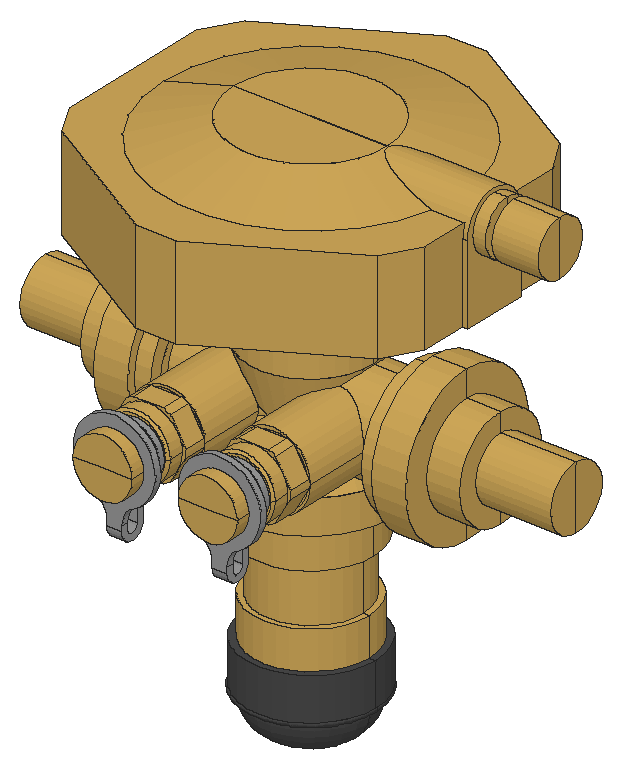
Revit family "Kombiventil 4001", category Rohrzubehör, Revit 2018
Family settings
  Bemaßung runder Anschluss = Durchmesser verwenden
  Teiletyp = Unterbricht
  OmniClass-Nummer = 23.65.55.14
  OmniClass-Titel = Valves for Liquid Services
  Arbeitsebenenbasiert = Nein
  Immer vertikal = Ja
  Beim Laden mit Abzugskörper schneiden = Nein
  Gemeinsam genutzt = Nein
Parameters
  min.Betriebstemperatur (Frostschutz) = -20 °C  # constant formula
  max.Betriebstemperatur bis DN32 = 130 °C  # constant formula
  max.Betriebstemperatur ab DN40 = 110 °C  # constant formula
  max.Betriebsdruck = 1600000.0 Pa  # constant formula
  VRL04 = 8.000 mm  # constant formula
  VRL03 [instance] = L01 + 4.000 mm  # 12.000 mm
  VRL02 = 18.000 mm  # constant formula
  VRL01 [instance] = size_lookup("4001_", "VRL1", 30.000 mm, Nennweite)  # 30.000 mm
  URL = "www.herz-armaturen.at"
  SCRNSEQ = "ARM;ARM_TYP=\"DURR\";2"
  SCRNCODE = "05;04;02"  # constant formula
  S05 [instance] = VRL01  # 30.000 mm
  S04 [instance] = H08 + (S03 / 2)  # 45.750 mm
  S03 [instance] = H09 + 4.700 mm  # 26.500 mm
  S02 [instance] = VRD01 * 2  # 36.400 mm
  S01 = 10.000 mm  # constant formula
  R12 = 3.900 mm  # constant formula
  R11 = 6.500 mm  # constant formula
  R10 = 35.000 mm  # constant formula
  R09 = 18.250 mm  # constant formula
  R08 = 11.300 mm  # constant formula
  R07 [instance] = size_lookup("4001_", "R7", 17.300 mm, Nennweite)  # 17.300 mm
  R06 [instance] = size_lookup("4001_", "R6", 19.000 mm, Nennweite)  # 19.000 mm
  R05 = 15.000 mm  # constant formula
  R04 = 12.500 mm  # constant formula
  R02 [instance] = size_lookup("4001_", "R2", 15.000 mm, Nennweite)  # 15.000 mm
  R01 [instance] = size_lookup("4001_", "R1", 11.500 mm, Nennweite)  # 11.500 mm
  PN = 16  # constant formula
  Nennweite [instance] = 15.000 mm
  min.Betriebstemperatur (reines Wasser) = 2 °C  # constant formula
  Membrane und O-Ringe = "EPDM"  # constant formula
  Medium = "Wasserbeschaffenheit nach ÖNORM H 5195 und VDI 2035\r\nDie Verwendung von Ethylen- und Propylenglykol ist im Mischungsverhältnis 25 - 50 Vol. [%] zulässig"
  L06 [instance] = L00 / 2  # 33.000 mm
  L05 = 11.000 mm  # constant formula
  L04 = 1.500 mm  # constant formula
  L03 = 3.200 mm  # constant formula
  L02 = 43.500 mm  # constant formula
  L01 [instance] = size_lookup("4001_", "L1", 8.000 mm, Nennweite)  # 8.000 mm
  L00 [instance] = size_lookup("4001_", "L", 66.000 mm, Nennweite)  # 66.000 mm
  Hersteller = "Herz-Armaturen GmbH"  # constant formula
  H13 [instance] = H02 - H05 - H03 - H04 - 2.000 mm  # 17.700 mm
  H12 = 19.250 mm  # constant formula
  H11 [instance] = size_lookup("4001_", "H11", 59.000 mm, Nennweite)  # 59.000 mm
  H10 [instance] = H08 + H09  # 54.300 mm
  H09 = 21.800 mm  # constant formula
  H08 [instance] = H01 + H06 + H07  # 32.500 mm
  H07 = 4.000 mm  # constant formula
  H06 [instance] = size_lookup("4001_", "H6", 10.000 mm, Nennweite)  # 10.000 mm
  H05 = 9.000 mm  # constant formula
  H04 [instance] = size_lookup("4001_", "H4", 9.600 mm, Nennweite)  # 9.600 mm
  H03 [instance] = size_lookup("4001_", "H3", 13.000 mm, Nennweite)  # 13.000 mm
  H02 [instance] = size_lookup("4001_", "H2", 55.300 mm, Nennweite)  # 51.300 mm
  H01 [instance] = size_lookup("4001_", "H1", 18.500 mm, Nennweite)  # 18.500 mm
  Gehäuse = "Entzinkunsbeständiges Messing"  # constant formula
  VRG03 [instance] = Nennweite / 2  # 7.500 mm
  G02 [instance] = size_lookup("4001_", "G2", 13.900 mm, Nennweite)  # 13.900 mm
  G01 [instance] = size_lookup("4001_", "G1", 13.200 mm, Nennweite)  # 13.200 mm
  DN50 [instance] = Nennweite = 50.000 mm  # no
  DN40 [instance] = Nennweite = 40.000 mm  # no
  DN32 [instance] = Nennweite = 32.000 mm  # no
  DN25 [instance] = Nennweite = 25.000 mm  # no
  DN20 [instance] = Nennweite = 20.000 mm  # no
  DN15 [instance] = Nennweite = 15.000 mm  # yes
  VRD03 [instance] = VRG03 + 4.500 mm  # 12.000 mm
  VRD02 [instance] = G01 + 3.000 mm  # 16.200 mm
  VRD01 [instance] = G01 + 5.000 mm  # 18.200 mm
  Bestellnummer Verschraubung [instance] = size_lookup("4001_", "Vrnr", 0, Nennweite)  # 1621011
  Bestellnummer [instance] = size_lookup("4001_", "Artnr", 0, Nennweite)  # 1400121
  Anwendungsgebiet = "Der Volumenstromregler wird in Heiz- und Kühlanlagen mit Umwälzpumpen eingesetzt. Der Regler begrenzt automatisch\r\nden Volumenstrom im nachstehendem Bereich auf den einmal eingestellten Wert indem alle Druckschwankungen\r\ngemessen und ausgeregelt werden. Somit sind keine Messungen erforderlich, und die Regelung ist bei\r\nallen Betriebsbedingungen effektiv. Der Volumenstromregler regelt den Volumenstrom gemäß der Voreinstellung\r\nauf einen konstanten Wert; die Membrane regelt aufgrund des Druckes unmittelbar nach dem Regeleinsatz (über\r\neine interne Steuerleitung), sowie des Druckes davor. Die Voreinstellung bezieht sich direkt auf den Volumenstrom;\r\nentsprechend kann die Maximal-Durchflußmenge bei der Montage direkt nach Diagramm eingestellt werden. Somit\r\nsind z.B. Heizungsstränge, Kühlwasserkreisläufe, Deckenstrahlplatten, Kühldecken und Lufterhitzer ohne Rücksicht\r\nauf die Druckverteilung in der Anlage ohne weiteres abgleichbar."
Reference planes
  plane 1 "Mitte (Vorne/hinten)": y = 0
  plane 2: z = 0
  plane 3 "Mitte (Links/rechts)": x = 0
Forms (mm)
  Revolve 1, solid, material "Messing, weicher Gelbton, geschweißt", detail levels fine
    sketch origin (0, 0, 0) x (1, 0, 0) y (0, 0, 1)
      loop
        line (-33, 0) -> (33, 0) -> (33, 13.2) -> (25, 13.2) -> (25, 11.5) -> (-25, 11.5) -> (-25, 13.2) -> (-33, 13.2) -> (-33, 0)
      axis (-33, 0) -> (33, 0)
    angle from 0 to 360
  Revolve 2, solid, material "Messing, weicher Gelbton, geschweißt", detail levels fine
    sketch origin (0, 0, 0) x (1, 0, 0) y (0, 0, 1)
      loop
        line (0, -51.3) -> (0, 18.5) -> (-15, 18.5) -> (-15, 11.5) -> (-11.5, 0) -> (-19, -11.5) -> (-19, -19.7) -> (-15, -19.7) -> (-15, -29.3) -> (-12.5, -29.3) -> (-12.5, -42.3) -> (-13.9, -42.3) -> (-13.9, -51.3) -> (0, -51.3)
      axis (0, 18.5) -> (0, -51.3)
    angle from 0 to 360
  Revolve 3, solid, material "Messing, weicher Gelbton, geschweißt", detail levels fine
    sketch origin (0, 0, 0) x (1, 0, 0) y (0, 0, 1)
      loop
        line (0, 18.5) -> (0, 32.5) -> (-11.3, 32.5) -> (-11.3, 28.5) -> (-17.3, 28.5) -> (-17.3, 18.5) -> (0, 18.5)
      axis (0, 32.5) -> (0, 18.5)
    angle from 0 to 360
  Extrusion 4, solid, material "Messing, weicher Gelbton, geschweißt", detail levels fine
    sketch origin (0, 0, 0) x (0, -1, 0) y (1, 0, 0)
      loop
        line (-46, -4.75) -> (-27.114, -37.462) -> (-18.886, -42.212) -> (18.886, -42.212) -> (27.114, -37.462) -> (46, -4.75) -> (46, 4.75) -> (27.114, 37.462) -> (18.886, 42.212) -> (-18.886, 42.212) -> (-27.114, 37.462) -> (-46, 4.75) -> (-46, -4.75)
    from 32.5 to 54.3
  Revolve 5, solid, material "Messing, weicher Gelbton, geschweißt", detail levels fine
    sketch origin (0, 0, 0) x (1, 0, 0) y (0, 0, 1)
      loop
        line (0, 54.3) -> (0, 59) -> (-18.25, 59) -> (-35, 54.3) -> (0, 54.3)
      axis (0, 59) -> (0, 54.3)
    angle from 0 to 360
  Extrusion 6, solid, material "Messing, weicher Gelbton, geschweißt", detail levels fine
    sketch origin (0, 0, 0) x (0, 1, 0) y (0, 0, 1)
      loop
        arc (7.85, 51.15) -> (0, 59) -> (-7.85, 51.15) r 7.85
        line (-7.85, 51.15) -> (-7.85, 32.5) -> (7.85, 32.5) -> (7.85, 51.15)
    from 0 to 43.5
  Revolve 7, solid, material "Messing, weicher Gelbton, geschweißt", detail levels fine
    sketch origin (0, 0, 0) x (1, 0, 0) y (0, 0, 1)
      loop
        line (43.5, 51.75) -> (59.2, 51.75) -> (59.2, 58.25) -> (48.2, 58.25) -> (48.2, 55.65) -> (46.7, 55.65) -> (46.7, 58.25) -> (43.5, 58.25) -> (43.5, 51.75)
      axis (43.5, 51.75) -> (59.2, 51.75)
    angle from 0 to 360
  Revolve 8, solid, material "Messing, weicher Gelbton, geschweißt", visible <- "DN15", detail levels fine
    sketch origin (0, 0, 0) x (1, 0, 0) y (0, 1, 0)
      loop
        line (12.5, 0) -> (12.5, -27) -> (21.6, -27) -> (21.6, 0) -> (12.5, 0)
      axis (12.5, 0) -> (12.5, -27)
    angle from 0 to 360
  Revolve 9, solid, material "Messing, weicher Gelbton, geschweißt", visible <- "DN20", detail levels fine
    sketch origin (-2, 0, 0) x (1, 0, 0) y (0, 1, 0)
      loop
        line (-12.5, 27) -> (-20.2, 27) -> (-20.2, 0) -> (-21.5, 0) -> (-21.5, -29) -> (-12.5, -29) -> (-12.5, 27)
      axis (-12.5, 27) -> (-12.5, -29)
    angle from 0 to 360
  Revolve 10, solid, material "Messing, weicher Gelbton, geschweißt", visible <- "DN20", detail levels fine
    sketch origin (2, 0, 0) x (1, 0, 0) y (0, 1, 0)
      loop
        line (12.5, 0) -> (12.5, -29) -> (21.6, -29) -> (21.6, 0) -> (12.5, 0)
      axis (12.5, 0) -> (12.5, -29)
    angle from 0 to 360
  Revolve 11, solid, material "Messing, weicher Gelbton, geschweißt", visible <- "DN20", detail levels fine
    sketch origin (-14.5, 3, 0) x (0, 1, 0) y (0, 0, 1)
      loop
        line (24, 0) -> (39.7, 0) -> (39.7, 6.5) -> (28.7, 6.5) -> (28.7, 3.9) -> (27.2, 3.9) -> (27.2, 6.5) -> (24, 6.5) -> (24, 0)
      axis (24, 0) -> (39.7, 0)
    angle from 0 to 360
  Revolve 12, solid, material "Messing, weicher Gelbton, geschweißt", visible <- "DN25", detail levels fine
    sketch origin (-2.1, 0, 0) x (1, 0, 0) y (0, 1, 0)
      loop
        line (-12.5, 27) -> (-20.2, 27) -> (-20.2, 0) -> (-21.5, 0) -> (-21.5, -29) -> (-12.5, -29) -> (-12.5, 27)
      axis (-12.5, 27) -> (-12.5, -29)
    angle from 0 to 360
  Revolve 13, solid, material "Messing, weicher Gelbton, geschweißt", visible <- "DN25", detail levels fine
    sketch origin (-14.6, 3, 0) x (0, 1, 0) y (0, 0, 1)
      loop
        line (24, 0) -> (39.7, 0) -> (39.7, 6.5) -> (28.7, 6.5) -> (28.7, 3.9) -> (27.2, 3.9) -> (27.2, 6.5) -> (24, 6.5) -> (24, 0)
      axis (24, 0) -> (39.7, 0)
    angle from 0 to 360
  Revolve 14, solid, material "Messing, weicher Gelbton, geschweißt", visible <- "DN25", detail levels fine
    sketch origin (2.1, 0, 0) x (1, 0, 0) y (0, 1, 0)
      loop
        line (12.5, 0) -> (12.5, -29) -> (21.6, -29) -> (21.6, 0) -> (12.5, 0)
      axis (12.5, 0) -> (12.5, -29)
    angle from 0 to 360
  Revolve 15, solid, material "Messing, weicher Gelbton, geschweißt", visible <- "DN32", detail levels fine
    sketch origin (0, 0, 0.637) x (1, 0, 0) y (0, 0, 1)
      loop
        line (-31.5, -0.637) -> (-40.5, -0.637) -> (-40.5, -43.437) -> (-31.5, -43.437) -> (-31.5, -0.637)
      axis (-31.5, -43.437) -> (-31.5, -0.637)
    angle from 0 to 360
  Revolve 16, solid, material "Messing, weicher Gelbton, geschweißt", visible <- "DN32", detail levels fine
    sketch origin (0, 0, 0.637) x (-1, 0, 0) y (0, 0, 1)
      loop
        line (-31.5, -0.637) -> (-40.5, -0.637) -> (-40.5, -43.437) -> (-31.5, -43.437) -> (-31.5, -0.637)
      axis (-31.5, -43.437) -> (-31.5, -0.637)
    angle from 0 to 360
  Revolve 17, solid, material "Messing, weicher Gelbton, geschweißt", visible <- "DN40", detail levels fine
    sketch origin (0, 0, 0) x (1, 0, 0) y (0, 0, 1)
      loop
        line (-37, 0) -> (-46, 0) -> (-46, -54.2) -> (-37, -54.2) -> (-37, 0)
      axis (-37, 0) -> (-37, -54.2)
    angle from 0 to 360
  Revolve 18, solid, material "Messing, weicher Gelbton, geschweißt", visible <- "DN40", detail levels fine
    sketch origin (0, 0, 0) x (-1, 0, 0) y (0, 0, 1)
      loop
        line (-37, 0) -> (-46, 0) -> (-46, -54.2) -> (-37, -54.2) -> (-37, 0)
      axis (-37, 0) -> (-37, -54.2)
    angle from 0 to 360
  Revolve 19, solid, material "Messing, weicher Gelbton, geschweißt", visible <- "DN50", detail levels fine
    sketch origin (-0.1, 0, 0) x (1, 0, 0) y (0, 0, 1)
      loop
        line (-37, 0) -> (-46, 0) -> (-46, -54.2) -> (-37, -54.2) -> (-37, 0)
      axis (-37, 0) -> (-37, -54.2)
    angle from 0 to 360
  Revolve 20, solid, material "Messing, weicher Gelbton, geschweißt", visible <- "DN50", detail levels fine
    sketch origin (0.1, 0, 0) x (-1, 0, 0) y (0, 0, 1)
      loop
        line (-37, 0) -> (-46, 0) -> (-46, -54.2) -> (-37, -54.2) -> (-37, 0)
      axis (-37, 0) -> (-37, -54.2)
    angle from 0 to 360
  Revolve 21, solid, material "Messing, weicher Gelbton, geschweißt", detail levels fine
    sketch origin (-97.028, 0, 0) x (1, 0, 0) y (0, 0, 1)
      loop
        line (130.028, 0) -> (160.028, 0) -> (160.028, 7.5) -> (142.028, 7.5) -> (142.028, 12) -> (134.028, 12) -> (134.028, 18.2) -> (126.028, 18.2) -> (126.028, 16.2) -> (122.028, 16.2) -> (122.028, 13.2) -> (130.028, 13.2) -> (130.028, 0)
      axis (122.028, 0) -> (160.028, 0)
    angle from 0 to 360
  Revolve 22, solid, material "Messing, weicher Gelbton, geschweißt", detail levels fine
    sketch origin (97.028, 0, 0) x (-1, 0, 0) y (0, 0, 1)
      loop
        line (130.028, 0) -> (160.028, 0) -> (160.028, 7.5) -> (142.028, 7.5) -> (142.028, 12) -> (134.028, 12) -> (134.028, 18.2) -> (126.028, 18.2) -> (126.028, 16.2) -> (122.028, 16.2) -> (122.028, 13.2) -> (130.028, 13.2) -> (130.028, 0)
      axis (122.028, 0) -> (160.028, 0)
    angle from 0 to 360
  Revolve 23, solid, material "Messing, weicher Gelbton, geschweißt", visible <- "DN15", detail levels fine
    sketch origin (-25, 0, 0) x (-1, 0, 0) y (0, -1, 0)
      loop
        line (-12.5, -24) -> (-12.5, 27) -> (-21.5, 27) -> (-21.5, 0) -> (-20.2, 0) -> (-20.2, -24) -> (-12.5, -24)
      axis (-12.5, -24) -> (-12.5, 27)
    angle from 0 to 360
  Revolve 24, solid, material "Messing, weicher Gelbton, geschweißt", visible <- "DN15", detail levels fine
    sketch origin (-12.5, 0, 0) x (0, -1, 0) y (0, 0, 1)
      loop
        line (-24, 0) -> (-24, 6.5) -> (-27.2, 6.5) -> (-27.2, 3.9) -> (-28.7, 3.9) -> (-28.7, 6.5) -> (-39.7, 6.5) -> (-39.7, 0) -> (-24, 0)
      axis (-24, 0) -> (-39.7, 0)
    angle from 0 to 360
  Revolve 25, solid, material "Messing, weicher Gelbton, geschweißt", visible <- "DN32", detail levels fine
    sketch origin (-9.5, 0, 0) x (1, 0, 0) y (0, 1, 0)
      loop
        line (-12.5, -31) -> (-12.5, 0) -> (-20.2, 0) -> (-20.2, -31) -> (-12.5, -31)
      axis (-12.5, 0) -> (-12.5, -31)
    angle from 0 to 360
  Revolve 26, solid, material "Messing, weicher Gelbton, geschweißt", visible <- "DN32", detail levels fine
    sketch origin (-22, -7, 0) x (0, -1, 0) y (0, 0, -1)
      loop
        line (24, 0) -> (24, -6.5) -> (27.2, -6.5) -> (27.2, -3.9) -> (28.7, -3.9) -> (28.7, -6.5) -> (39.7, -6.5) -> (39.7, 0) -> (24, 0)
      axis (24, 0) -> (39.7, 0)
    angle from 0 to 360
  Revolve 27, solid, material "Messing, weicher Gelbton, geschweißt", visible <- "DN40", detail levels fine
    sketch origin (-17.5, 0, 0) x (1, 0, 0) y (0, 1, 0)
      loop
        line (-12.5, -39.5) -> (-12.5, 0) -> (-20.2, 0) -> (-20.2, -39.5) -> (-12.5, -39.5)
      axis (-12.5, 0) -> (-12.5, -39.5)
    angle from 0 to 360
  Revolve 28, solid, material "Messing, weicher Gelbton, geschweißt", visible <- "DN40", detail levels fine
    sketch origin (-30, -15.5, 0) x (0, -1, 0) y (0, 0, -1)
      loop
        line (24, 0) -> (24, -6.5) -> (27.2, -6.5) -> (27.2, -3.9) -> (28.7, -3.9) -> (28.7, -6.5) -> (39.7, -6.5) -> (39.7, 0) -> (24, 0)
      axis (24, 0) -> (39.7, 0)
    angle from 0 to 360
  Revolve 29, solid, material "Messing, weicher Gelbton, geschweißt", visible <- "DN50", detail levels fine
    sketch origin (-17.6, 0, 0) x (1, 0, 0) y (0, 1, 0)
      loop
        line (-12.5, -39.5) -> (-12.5, 0) -> (-20.2, 0) -> (-20.2, -39.5) -> (-12.5, -39.5)
      axis (-12.5, 0) -> (-12.5, -39.5)
    angle from 0 to 360
  Revolve 30, solid, material "Messing, weicher Gelbton, geschweißt", visible <- "DN50", detail levels fine
    sketch origin (-30.1, -15.5, 0) x (0, -1, 0) y (0, 0, -1)
      loop
        line (24, 0) -> (24, -6.5) -> (27.2, -6.5) -> (27.2, -3.9) -> (28.7, -3.9) -> (28.7, -6.5) -> (39.7, -6.5) -> (39.7, 0) -> (24, 0)
      axis (24, 0) -> (39.7, 0)
    angle from 0 to 360
Lines and regions (mm)
  model lines, detail levels coarse+medium
    curve 1: line (33, -18.2, 0) -> (33, 18.2, 0)
    curve 2: line (33, 18.2, 0) -> (-33, -18.2, 0)
    curve 3: line (-33, -18.2, 0) -> (-33, 18.2, 0)
    curve 4: line (-33, 18.2, 0) -> (33, -18.2, 0)
    curve 5: line (0, -18.5, 0) -> (0, -32.5, 0)
    curve 6: spline (-43.5, -45.75, 0) -> (-42.018, -42.321, 0) -> (-37.672, -39.125, 0) -> (-30.759, -36.381, 0) -> (-21.75, -34.275, 0) -> (-11.259, -32.951, 0) -> (0, -32.5, 0) -> (11.259, -32.951, 0) -> (21.75, -34.275, 0) -> (30.759, -36.381, 0) -> (37.672, -39.125, 0) -> (42.018, -42.321, 0) -> (43.5, -45.75, 0) -> (42.018, -49.179, 0) -> (37.672, -52.375, 0) -> (30.759, -55.119, 0) -> (21.75, -57.225, 0) -> (11.259, -58.549, 0) -> (0, -59, 0) -> (-11.259, -58.549, 0) -> (-21.75, -57.225, 0) -> (-30.759, -55.119, 0) -> (-37.672, -52.375, 0) -> (-42.018, -49.179, 0) -> (-43.5, -45.75, 0)
    curve 7: line (-33, 0, 18.2) -> (-33, 0, -18.2)
    curve 8: line (-33, 0, -18.2) -> (33, 0, 18.2)
    curve 9: line (33, 0, 18.2) -> (33, 0, -18.2)
    curve 10: line (33, 0, -18.2) -> (-33, 0, 18.2)
    curve 11: line (0, 0, 18.5) -> (0, 0, 32.5)
    curve 12: spline (-43.5, 0, 45.75) -> (-42.018, 0, 49.179) -> (-37.672, 0, 52.375) -> (-30.759, 0, 55.119) -> (-21.75, 0, 57.225) -> (-11.259, 0, 58.549) -> (0, 0, 59) -> (11.259, 0, 58.549) -> (21.75, 0, 57.225) -> (30.759, 0, 55.119) -> (37.672, 0, 52.375) -> (42.018, 0, 49.179) -> (43.5, 0, 45.75) -> (42.018, 0, 42.321) -> (37.672, 0, 39.125) -> (30.759, 0, 36.381) -> (21.75, 0, 34.275) -> (11.259, 0, 32.951) -> (0, 0, 32.5) -> (-11.259, 0, 32.951) -> (-21.75, 0, 34.275) -> (-30.759, 0, 36.381) -> (-37.672, 0, 39.125) -> (-42.018, 0, 42.321) -> (-43.5, 0, 45.75)
    curve 13: line (0, 0, 18.5) -> (16.5, 0, 9.1)
    curve 14: line (0, 0, 18.5) -> (-16.5, 0, 9.1)
    curve 15: line (33, 0, 18.2) -> (43, 0, 18.2)
    curve 16: line (43, 0, 18.2) -> (33, 0, 0)
    curve 17: line (33, 0, -18.2) -> (43, 0, -18.2)
    curve 18: line (43, 0, -18.2) -> (33, 0, 0)
    curve 19: line (33, 0, 0) -> (63, 0, 0)
    curve 20: line (-33, 0, 18.2) -> (-43, 0, 18.2)
    curve 21: line (-43, 0, 18.2) -> (-33, 0, 0)
    curve 22: line (-33, 0, -18.2) -> (-43, 0, -18.2)
    curve 23: line (-43, 0, -18.2) -> (-33, 0, 0)
    curve 24: line (-33, 0, 0) -> (-63, 0, 0)
    curve 25: line (0, -18.5, 0) -> (-16.5, -9.1, 0)
    curve 26: line (0, -18.5, 0) -> (16.5, -9.1, 0)
    curve 27: line (33, 18.2, 0) -> (43, 18.2, 0)
    curve 28: line (43, 18.2, 0) -> (33, 0, 0)
    curve 29: line (33, -18.2, 0) -> (43, -18.2, 0)
    curve 30: line (43, -18.2, 0) -> (33, 0, 0)
    curve 31: line (-33, 18.2, 0) -> (-43, 18.2, 0)
    curve 32: line (-43, 18.2, 0) -> (-33, 0, 0)
    curve 33: line (-33, -18.2, 0) -> (-43, -18.2, 0)
    curve 34: line (-43, -18.2, 0) -> (-33, 0, 0)
Dimensions and locks
  equal spacing: Revolve 1 sketch curve, plane 3 "Mitte (Links/rechts)", Revolve 1 sketch curve
  "L00": Revolve 1 sketch curve to Revolve 1 sketch curve
  "G01": Revolve 1 sketch curve to Revolve 1 sketch curve  (x2)
  "R01": Revolve 1 sketch curve to Revolve 1 sketch curve
  "L01": Revolve 1 sketch curve to Revolve 1 sketch curve  (x2)
  "H01": Revolve 2 sketch curve to plane 2
  "R01": Revolve 2 sketch curve to plane 2
  "R02": Revolve 2 sketch curve to Revolve 2 sketch curve
  "R01": Revolve 2 sketch curve to Revolve 2 sketch curve
  "H02": plane 2 to Revolve 2 sketch curve
  "G02": plane 3 "Mitte (Links/rechts)" to Revolve 2 sketch curve
  "H05": Revolve 2 sketch curve to Revolve 2 sketch curve
  "R04": Revolve 2 sketch curve to Revolve 2 sketch curve
  "R05": Revolve 2 sketch curve to Revolve 2 sketch curve
  "R06": Revolve 2 sketch curve to Revolve 2 sketch curve
  "R01": plane 2 to Revolve 2 sketch curve
  "H03": Revolve 2 sketch curve to Revolve 2 sketch curve
  "H04": Revolve 2 sketch curve to Revolve 2 sketch curve
  "H01": Revolve 3 sketch curve to plane 2
  "H06": Revolve 3 sketch curve to Revolve 3 sketch curve
  "R07": Revolve 3 sketch curve to Revolve 3 sketch curve
  "H07": Revolve 3 sketch curve to Revolve 3 sketch curve
  "R08": Revolve 3 sketch curve to Revolve 3 sketch curve
  "H08": Extrusion 4 to plane 2
  "H09": Extrusion 4 to Extrusion 4
  "H10": Revolve 5 sketch curve to plane 2
  "H11": Revolve 5 sketch curve to plane 2
  "R09": Revolve 5 sketch curve to Revolve 5 sketch curve
  "R10": Revolve 5 sketch curve to Revolve 5 sketch curve
  "L02": Extrusion 6 to plane 3 "Mitte (Links/rechts)"
  "H08": Extrusion 6 to plane 2
  "H12": Revolve 7 sketch curve to Extrusion 4
  "R11": Revolve 7 sketch curve to Revolve 7 sketch curve  (x2)
  "L03": Revolve 7 sketch curve to Revolve 7 sketch curve
  "L04": Revolve 7 sketch curve to Revolve 7 sketch curve
  "L05": Revolve 7 sketch curve to Revolve 7 sketch curve
  "R12": Revolve 7 sketch curve to Revolve 7 sketch curve
  "R06": plane 1 "Mitte (Vorne/hinten)" to nested 1
  Revolve 9 sketch curve to plane 1 "Mitte (Vorne/hinten)" = 29.000 mm
  plane 1 "Mitte (Vorne/hinten)" to Revolve 9 sketch curve = 27.000 mm
  Revolve 10 sketch curve to plane 1 "Mitte (Vorne/hinten)" = 29.000 mm
  "R11": Revolve 11 sketch curve to Revolve 11 sketch curve  (x2)
  "L03": Revolve 11 sketch curve to Revolve 11 sketch curve
  "L04": Revolve 11 sketch curve to Revolve 11 sketch curve
  "L05": Revolve 11 sketch curve to Revolve 11 sketch curve
  "R12": Revolve 11 sketch curve to Revolve 11 sketch curve
  "H13": plane 2 to nested 1
  "R11": Revolve 13 sketch curve to Revolve 13 sketch curve  (x2)
  "L03": Revolve 13 sketch curve to Revolve 13 sketch curve
  "L04": Revolve 13 sketch curve to Revolve 13 sketch curve
  "L05": Revolve 13 sketch curve to Revolve 13 sketch curve
  "R12": Revolve 13 sketch curve to Revolve 13 sketch curve
  plane 3 "Mitte (Links/rechts)" to Revolve 15 sketch curve = 31.500 mm
  Revolve 15 sketch curve to Revolve 15 sketch curve = 9.000 mm
  plane 2 to Revolve 15 sketch curve = 42.800 mm
  Revolve 16 sketch curve to Revolve 16 sketch curve = 9.000 mm
  "VRL01": Revolve 21 sketch curve to Revolve 21 sketch curve
  "L01": Revolve 21 sketch curve to Revolve 21 sketch curve
  "G01": Revolve 21 sketch curve to plane 2
  "VRD02": Revolve 21 sketch curve to plane 2
  "VRD01": Revolve 21 sketch curve to plane 2
  "VRG03": Revolve 21 sketch curve to Revolve 21 sketch curve
  "VRL02": Revolve 21 sketch curve to Revolve 21 sketch curve
  "VRD03": Revolve 21 sketch curve to Revolve 21 sketch curve
  "VRL03": Revolve 21 sketch curve to Revolve 21 sketch curve
  "VRL04": Revolve 21 sketch curve to Revolve 21 sketch curve
  "L06": plane 3 "Mitte (Links/rechts)" to Revolve 21 sketch curve
  "VRL01": Revolve 22 sketch curve to Revolve 22 sketch curve
  "L01": Revolve 22 sketch curve to Revolve 22 sketch curve
  "VRG03": Revolve 22 sketch curve to Revolve 22 sketch curve
  "VRL02": Revolve 22 sketch curve to Revolve 22 sketch curve
  "VRD03": Revolve 22 sketch curve to Revolve 22 sketch curve
  "VRL03": Revolve 22 sketch curve to Revolve 22 sketch curve
  "VRL04": Revolve 22 sketch curve to Revolve 22 sketch curve
  "L06": Revolve 22 sketch curve to plane 3 "Mitte (Links/rechts)"
  "H02": plane 2 to nested 2
  equal spacing: curve 3, plane 3 "Mitte (Links/rechts)", curve 1
  "L00": curve 3 to curve 1
  "S02": curve 4 to curve 3
  equal spacing: curve 3, plane 1 "Mitte (Vorne/hinten)", curve 4
  "VRD01": Revolve 22 sketch curve to plane 2
  "VRD02": Revolve 22 sketch curve to plane 2
  equal spacing: curve 4, plane 1 "Mitte (Vorne/hinten)", curve 2
  "S02": curve 2 to curve 4
  "S03": curve 6 to curve 6
  "L02": curve 6 to plane 3 "Mitte (Links/rechts)"
  "L02": plane 3 "Mitte (Links/rechts)" to curve 6
  "S04": curve 6 to plane 1 "Mitte (Vorne/hinten)"
  "H08": curve 5 to plane 1 "Mitte (Vorne/hinten)"
  "S02": curve 10 to curve 8
  equal spacing: curve 10, plane 2, curve 8
  "S02": curve 9 to curve 10
  equal spacing: curve 9, plane 2, curve 10
  "L00": curve 7 to curve 9
  equal spacing: curve 7, plane 3 "Mitte (Links/rechts)", curve 9
  "H08": curve 11 to plane 2
  "S03": curve 12 to curve 12
  "L02": curve 12 to plane 3 "Mitte (Links/rechts)"
  "L02": plane 3 "Mitte (Links/rechts)" to curve 12
  "S04": curve 12 to plane 2
  equal spacing: plane 3 "Mitte (Links/rechts)", curve 14, curve 7
  equal spacing: curve 9, curve 13, plane 3 "Mitte (Links/rechts)"
  "H01": curve 14 to plane 2
  "S01": curve 9 to curve 16
  "S01": curve 9 to curve 18
  "S05": curve 19 to curve 19
  "S05": curve 24 to curve 24
  "S01": curve 21 to curve 7
  "S01": curve 23 to curve 7
  equal spacing: curve 3, curve 25, plane 3 "Mitte (Links/rechts)"
  equal spacing: plane 3 "Mitte (Links/rechts)", curve 26, curve 1
  "H01": curve 26 to plane 1 "Mitte (Vorne/hinten)"
  "S01": curve 1 to curve 28
  "S01": curve 1 to curve 30
  "S01": curve 32 to curve 3
  "S01": curve 34 to curve 3
  "R11": Revolve 24 sketch curve to Revolve 24 sketch curve  (x2)
  "L03": Revolve 24 sketch curve to Revolve 24 sketch curve
  "L04": Revolve 24 sketch curve to Revolve 24 sketch curve
  "L05": Revolve 24 sketch curve to Revolve 24 sketch curve
  "R12": Revolve 24 sketch curve to Revolve 24 sketch curve
  "R11": Revolve 26 sketch curve to Revolve 26 sketch curve  (x2)
  "L03": Revolve 26 sketch curve to Revolve 26 sketch curve
  "L04": Revolve 26 sketch curve to Revolve 26 sketch curve
  "L05": Revolve 26 sketch curve to Revolve 26 sketch curve
  "R12": Revolve 26 sketch curve to Revolve 26 sketch curve
  Revolve 25 sketch curve to Revolve 25 sketch curve = 31.000 mm
  "R11": Revolve 28 sketch curve to Revolve 28 sketch curve  (x2)
  "L03": Revolve 28 sketch curve to Revolve 28 sketch curve
  "L04": Revolve 28 sketch curve to Revolve 28 sketch curve
  "L05": Revolve 28 sketch curve to Revolve 28 sketch curve
  "R12": Revolve 28 sketch curve to Revolve 28 sketch curve
  Revolve 27 sketch curve to Revolve 27 sketch curve = 39.500 mm
  "R11": Revolve 30 sketch curve to Revolve 30 sketch curve  (x2)
  "L03": Revolve 30 sketch curve to Revolve 30 sketch curve
  "L04": Revolve 30 sketch curve to Revolve 30 sketch curve
  "L05": Revolve 30 sketch curve to Revolve 30 sketch curve
  "R12": Revolve 30 sketch curve to Revolve 30 sketch curve
  Revolve 29 sketch curve to Revolve 29 sketch curve = 39.500 mm
  aligned and locked: level to plane 2
Automatic sketch dimensions
  plane 3 "Mitte (Links/rechts)" to Extrusion 4 sketch curve = 4.750 mm  (x2)
  Extrusion 4 sketch curve to plane 1 "Mitte (Vorne/hinten)" = 46.000 mm
  Extrusion 4 sketch curve to plane 1 "Mitte (Vorne/hinten)" = 27.114 mm  (x2)
  Extrusion 4 sketch curve to Extrusion 4 sketch curve = 8.227 mm  (x4)
  plane 1 "Mitte (Vorne/hinten)" to Extrusion 4 sketch curve = 18.886 mm  (x2)
  Extrusion 4 sketch curve to Extrusion 4 sketch curve = 18.886 mm
  Extrusion 4 sketch curve to plane 3 "Mitte (Links/rechts)" = 4.750 mm  (x2)
  Extrusion 4 sketch curve to plane 3 "Mitte (Links/rechts)" = 37.462 mm  (x2)
  Extrusion 4 sketch curve to Extrusion 4 sketch curve = 4.750 mm  (x2)
  plane 3 "Mitte (Links/rechts)" to Extrusion 4 sketch curve = 37.462 mm  (x2)
  Extrusion 6 sketch curve to plane 1 "Mitte (Vorne/hinten)" = 0.000 mm
  plane 1 "Mitte (Vorne/hinten)" to Extrusion 6 sketch curve = 7.850 mm
  level to Extrusion 6 sketch curve = 32.500 mm
  Extrusion 6 sketch curve to Extrusion 6 sketch curve = 18.650 mm
  Extrusion 6 sketch curve to Extrusion 6 sketch curve = 0.000 mm
  plane 1 "Mitte (Vorne/hinten)" to Revolve 8 sketch curve = 0.000 mm  (x2)
  plane 3 "Mitte (Links/rechts)" to Revolve 8 sketch curve = 12.500 mm
  Revolve 8 sketch curve to Revolve 8 sketch curve = 9.100 mm
  plane 1 "Mitte (Vorne/hinten)" to Revolve 8 sketch curve = 27.000 mm
  Revolve 8 sketch curve to Revolve 8 sketch curve = 0.000 mm  (x2)
  plane 1 "Mitte (Vorne/hinten)" to Revolve 9 sketch curve = 0.000 mm
  Revolve 9 sketch curve to plane 3 "Mitte (Links/rechts)" = 23.500 mm
  Revolve 9 sketch curve to plane 3 "Mitte (Links/rechts)" = 22.200 mm
  Revolve 9 sketch curve to Revolve 9 sketch curve = 7.700 mm
  Revolve 9 sketch curve to Revolve 9 sketch curve = 0.000 mm
  Revolve 9 sketch curve to Revolve 9 sketch curve = 2.000 mm
  Revolve 9 sketch curve to Revolve 9 sketch curve = 3.000 mm
  plane 1 "Mitte (Vorne/hinten)" to Revolve 10 sketch curve = 0.000 mm  (x2)
  plane 3 "Mitte (Links/rechts)" to Revolve 10 sketch curve = 14.500 mm
  Revolve 10 sketch curve to Revolve 10 sketch curve = 9.100 mm
  Revolve 10 sketch curve to Revolve 10 sketch curve = 0.000 mm
  Revolve 10 sketch curve to Revolve 10 sketch curve = 2.000 mm
  plane 1 "Mitte (Vorne/hinten)" to Revolve 12 sketch curve = 0.000 mm
  Revolve 12 sketch curve to plane 3 "Mitte (Links/rechts)" = 23.600 mm
  Revolve 12 sketch curve to plane 3 "Mitte (Links/rechts)" = 22.300 mm
  Revolve 12 sketch curve to Revolve 12 sketch curve = 7.700 mm
  plane 1 "Mitte (Vorne/hinten)" to Revolve 12 sketch curve = 29.000 mm
  Revolve 12 sketch curve to Revolve 12 sketch curve = 27.000 mm
  Revolve 12 sketch curve to Revolve 12 sketch curve = 0.000 mm
  Revolve 12 sketch curve to Revolve 12 sketch curve = 2.000 mm
  Revolve 12 sketch curve to Revolve 12 sketch curve = 3.000 mm
  plane 1 "Mitte (Vorne/hinten)" to Revolve 14 sketch curve = 0.000 mm  (x2)
  plane 3 "Mitte (Links/rechts)" to Revolve 14 sketch curve = 14.600 mm
  Revolve 14 sketch curve to Revolve 14 sketch curve = 9.100 mm
  Revolve 14 sketch curve to Revolve 14 sketch curve = 29.000 mm
  Revolve 14 sketch curve to Revolve 14 sketch curve = 0.000 mm
  Revolve 14 sketch curve to Revolve 14 sketch curve = 2.000 mm
  Revolve 15 sketch curve to level = 0.000 mm
  Revolve 15 sketch curve to Revolve 15 sketch curve = 0.000 mm
  Revolve 15 sketch curve to Revolve 15 sketch curve = 4.238 mm
  level to Revolve 15 sketch curve = 0.637 mm
  Revolve 16 sketch curve to level = 0.000 mm
  Revolve 16 sketch curve to plane 3 "Mitte (Links/rechts)" = 40.500 mm
  level to Revolve 16 sketch curve = 42.800 mm
  Revolve 16 sketch curve to Revolve 16 sketch curve = 0.000 mm
  Revolve 16 sketch curve to Revolve 16 sketch curve = 4.238 mm
  Revolve 16 sketch curve to level = 0.637 mm
  Revolve 17 sketch curve to level = 0.000 mm  (x2)
  Revolve 17 sketch curve to plane 3 "Mitte (Links/rechts)" = 46.000 mm
  Revolve 17 sketch curve to Revolve 17 sketch curve = 9.000 mm
  Revolve 17 sketch curve to level = 54.200 mm
  Revolve 17 sketch curve to Revolve 17 sketch curve = 0.000 mm  (x2)
  Revolve 18 sketch curve to level = 0.000 mm  (x2)
  Revolve 18 sketch curve to plane 3 "Mitte (Links/rechts)" = 46.000 mm
  Revolve 18 sketch curve to Revolve 18 sketch curve = 9.000 mm
  level to Revolve 18 sketch curve = 54.200 mm
  Revolve 18 sketch curve to Revolve 18 sketch curve = 0.000 mm  (x2)
  Revolve 19 sketch curve to level = 0.000 mm  (x2)
  Revolve 19 sketch curve to plane 3 "Mitte (Links/rechts)" = 46.100 mm
  Revolve 19 sketch curve to Revolve 19 sketch curve = 9.000 mm
  Revolve 19 sketch curve to Revolve 19 sketch curve = 54.200 mm
  Revolve 19 sketch curve to Revolve 19 sketch curve = 0.000 mm  (x2)
  Revolve 20 sketch curve to level = 0.000 mm  (x2)
  Revolve 20 sketch curve to plane 3 "Mitte (Links/rechts)" = 46.100 mm
  Revolve 20 sketch curve to Revolve 20 sketch curve = 9.000 mm
  Revolve 20 sketch curve to Revolve 20 sketch curve = 54.200 mm
  Revolve 20 sketch curve to Revolve 20 sketch curve = 0.000 mm  (x2)
  plane 1 "Mitte (Vorne/hinten)" to Revolve 23 sketch curve = 0.000 mm
  Revolve 23 sketch curve to plane 3 "Mitte (Links/rechts)" = 3.500 mm
  Revolve 23 sketch curve to plane 3 "Mitte (Links/rechts)" = 4.800 mm
  Revolve 23 sketch curve to Revolve 23 sketch curve = 7.700 mm
  Revolve 23 sketch curve to plane 1 "Mitte (Vorne/hinten)" = 24.000 mm
  plane 1 "Mitte (Vorne/hinten)" to Revolve 23 sketch curve = 27.000 mm
  Revolve 23 sketch curve to Revolve 23 sketch curve = 0.000 mm  (x3)
  plane 1 "Mitte (Vorne/hinten)" to Revolve 25 sketch curve = 0.000 mm  (x2)
  Revolve 25 sketch curve to plane 3 "Mitte (Links/rechts)" = 29.700 mm
  Revolve 25 sketch curve to Revolve 25 sketch curve = 7.700 mm
  Revolve 25 sketch curve to Revolve 25 sketch curve = 0.000 mm
  Revolve 25 sketch curve to Revolve 25 sketch curve = 7.000 mm
  plane 1 "Mitte (Vorne/hinten)" to Revolve 27 sketch curve = 0.000 mm  (x2)
  Revolve 27 sketch curve to plane 3 "Mitte (Links/rechts)" = 37.700 mm
  Revolve 27 sketch curve to Revolve 27 sketch curve = 7.700 mm
  Revolve 27 sketch curve to Revolve 27 sketch curve = 0.000 mm
  Revolve 27 sketch curve to Revolve 27 sketch curve = 15.500 mm
  plane 1 "Mitte (Vorne/hinten)" to Revolve 29 sketch curve = 0.000 mm  (x2)
  Revolve 29 sketch curve to plane 3 "Mitte (Links/rechts)" = 37.800 mm
  Revolve 29 sketch curve to Revolve 29 sketch curve = 7.700 mm
  Revolve 29 sketch curve to Revolve 29 sketch curve = 0.000 mm
  Revolve 29 sketch curve to Revolve 29 sketch curve = 15.500 mm
  curve 11 to plane 3 "Mitte (Links/rechts)" = 0.000 mm
  curve 18 to level = 0.000 mm
  curve 21 to level = 0.000 mm
  curve 26 to plane 3 "Mitte (Links/rechts)" = 0.000 mm
  plane 1 "Mitte (Vorne/hinten)" to curve 28 = 0.000 mm
  plane 1 "Mitte (Vorne/hinten)" to curve 32 = 0.000 mm
  plane 1 "Mitte (Vorne/hinten)" to curve 30 = 0.000 mm
  plane 1 "Mitte (Vorne/hinten)" to curve 34 = 0.000 mm
  Revolve 1 sketch curve to level = 0.000 mm  (x2)
  Revolve 1 sketch curve to Revolve 1 sketch curve = 1473.530 mm
  Revolve 1 sketch curve to Revolve 1 sketch curve = 1806.148 mm
  Revolve 2 sketch curve to level = 0.000 mm
  Revolve 2 sketch curve to plane 3 "Mitte (Links/rechts)" = 0.000 mm  (x2)
  Revolve 2 sketch curve to Revolve 2 sketch curve = 310.745 mm
  Revolve 2 sketch curve to Revolve 2 sketch curve = 2195.815 mm
  Revolve 3 sketch curve to plane 3 "Mitte (Links/rechts)" = 0.000 mm  (x2)
  Revolve 3 sketch curve to level = 366.045 mm
  Revolve 3 sketch curve to Revolve 3 sketch curve = 2178.815 mm
  Revolve 5 sketch curve to plane 3 "Mitte (Links/rechts)" = 0.000 mm  (x2)
  Revolve 5 sketch curve to level = 366.045 mm
  Revolve 5 sketch curve to Revolve 5 sketch curve = 2155.315 mm
  plane 3 "Mitte (Links/rechts)" to Revolve 7 sketch curve = 43.500 mm
  Revolve 7 sketch curve to Revolve 7 sketch curve = 0.000 mm  (x3)
  Revolve 11 sketch curve to level = 0.000 mm  (x2)
  Revolve 11 sketch curve to plane 1 "Mitte (Vorne/hinten)" = 27.000 mm
  Revolve 11 sketch curve to Revolve 11 sketch curve = 0.000 mm  (x2)
  Revolve 13 sketch curve to level = 0.000 mm  (x2)
  Revolve 13 sketch curve to plane 1 "Mitte (Vorne/hinten)" = 27.000 mm
  Revolve 13 sketch curve to Revolve 13 sketch curve = 0.000 mm  (x2)
  Revolve 21 sketch curve to level = 0.000 mm  (x2)
  Revolve 21 sketch curve to plane 3 "Mitte (Links/rechts)" = 1603.558 mm
  Revolve 21 sketch curve to Revolve 21 sketch curve = 1682.120 mm
  Revolve 22 sketch curve to level = 0.000 mm  (x2)
  Revolve 22 sketch curve to Revolve 22 sketch curve = 3.000 mm
  Revolve 22 sketch curve to plane 3 "Mitte (Links/rechts)" = 1603.558 mm
  Revolve 22 sketch curve to Revolve 22 sketch curve = 1682.120 mm
  Revolve 24 sketch curve to level = 0.000 mm  (x2)
  Revolve 24 sketch curve to plane 1 "Mitte (Vorne/hinten)" = 39.700 mm
  Revolve 24 sketch curve to Revolve 24 sketch curve = 0.000 mm  (x2)
  Revolve 26 sketch curve to level = 0.000 mm  (x2)
  plane 1 "Mitte (Vorne/hinten)" to Revolve 26 sketch curve = 31.000 mm
  Revolve 26 sketch curve to Revolve 26 sketch curve = 0.000 mm  (x2)
  Revolve 28 sketch curve to level = 0.000 mm  (x2)
  plane 1 "Mitte (Vorne/hinten)" to Revolve 28 sketch curve = 39.500 mm
  Revolve 28 sketch curve to Revolve 28 sketch curve = 0.000 mm  (x2)
  Revolve 30 sketch curve to level = 0.000 mm  (x2)
  plane 1 "Mitte (Vorne/hinten)" to Revolve 30 sketch curve = 39.500 mm
  Revolve 30 sketch curve to Revolve 30 sketch curve = 0.000 mm  (x2)
Nested families
  nested 1: "Herz-Logo-vorne" at (-0.018, -19, -13.2) x (0, 1, 0) z (0, 0, 1), type "Herz-Logo-vorne", detail levels fine
  nested 2: "Bauschutzkappe für Kombiventil" at (0, 0, -51.3), type "Bauschutzkappe für Kombiventil", detail levels fine
  nested 3: "Messstutzen_Band_Eintritt" at (-12.5, -9.5, 0), visible <- "DN15", type "Messstutzen_Band_Eintritt"
    with Schutzkappe yes, Nennweite 0.000 mm, Gewicht 0.00 kg, Bestellnummer 0
  nested 4: "Messstutzen_Band_Eintritt" at (-14.6, -11.5, 0), visible <- "DN25", type "Messstutzen_Band_Eintritt"
    with Schutzkappe yes, Nennweite 0.000 mm, Gewicht 0.00 kg, Bestellnummer 0
  nested 5: "Messstutzen_Band_Eintritt" at (-14.5, -11.5, 0), visible <- "DN20", type "Messstutzen_Band_Eintritt"
    with Schutzkappe yes, Nennweite 0.000 mm, Gewicht 0.00 kg, Bestellnummer 0
  nested 6: "Messstutzen_Band_Austritt" at (12.5, -9.5, 0), visible <- "DN15", type "Messstutzen_Band_Austritt"
    with Schutzkappe yes, Nennweite 0.000 mm, Gewicht 0.00 kg, Bestellnummer 0
  nested 7: "Messstutzen_Band_Austritt" at (14.5, -11.5, 0), visible <- "DN20", type "Messstutzen_Band_Austritt"
    with Schutzkappe yes, Nennweite 0.000 mm, Gewicht 0.00 kg, Bestellnummer 0
  nested 8: "Messstutzen_Band_Austritt" at (14.6, -11.5, 0), visible <- "DN25", type "Messstutzen_Band_Austritt"
    with Schutzkappe yes, Nennweite 0.000 mm, Gewicht 0.00 kg, Bestellnummer 0
  nested 9: "Messstutzen_Band_Eintritt_senkrecht" at (-31.5, 0, -25.3), visible <- "DN32", type "Messstutzen_Band_Eintritt_senkrecht"
    with Schutzkappe yes, Nennweite 0.000 mm, Gewicht 0.00 kg, Bestellnummer 0
  nested 10: "Messstutzen_Band_Austritt_senkrecht" at (37.1, 0, -36.7), visible <- "DN50", type "Messstutzen_Band_Austritt_senkrecht"
    with Schutzkappe yes, Nennweite 0.000 mm, Gewicht 0.00 kg, Bestellnummer 0
  nested 11: "Messstutzen_Band_Eintritt_senkrecht" at (-37.1, 0, -36.7), visible <- "DN50", type "Messstutzen_Band_Eintritt_senkrecht"
    with Schutzkappe yes, Nennweite 0.000 mm, Gewicht 0.00 kg, Bestellnummer 0
  nested 12: "Messstutzen_Band_Eintritt_senkrecht" at (-37, 0, -36.7), visible <- "DN40", type "Messstutzen_Band_Eintritt_senkrecht"
    with Schutzkappe yes, Nennweite 0.000 mm, Gewicht 0.00 kg, Bestellnummer 0
  nested 13: "Messstutzen_Band_Austritt_senkrecht" at (31.5, 0, -25.3), visible <- "DN32", type "Messstutzen_Band_Austritt_senkrecht"
    with Schutzkappe yes, Nennweite 0.000 mm, Gewicht 0.00 kg, Bestellnummer 0
  nested 14: "Messstutzen_Band_Austritt_senkrecht" at (37, 0, -36.7), visible <- "DN40", type "Messstutzen_Band_Austritt_senkrecht"
    with Schutzkappe yes, Nennweite 0.000 mm, Gewicht 0.00 kg, Bestellnummer 0
Connectors
  piping at (63, 0, 0), diameter 15, driven by "Nennweite"
    settings: on Revolve 21, index 1, connector inside diameter 609.6 mm, connector length 0.000 mm, flow factor 0, pipe flow 0.0 L/s, pressure drop 0.0 Pa, fitting loss kfactor 0, connector angle 0.00°, fixture units 0, engagement length 0.000 mm, angle of deflection 0.00°, flow configuration 0, flow direction 1, fitting loss method 0, system type 29, joint type 0, gender type 0, connector reference index -1, connector utility 0, adjustable connector no, is connector primary yes, connector description ""
  piping at (-63, 0, 0), diameter 15, driven by "Nennweite"
    settings: on Revolve 22, index 2, connector inside diameter 609.6 mm, connector length 0.000 mm, flow factor 0, pipe flow 0.0 L/s, pressure drop 0.0 Pa, fitting loss kfactor 0, connector angle 0.00°, fixture units 0, engagement length 0.000 mm, angle of deflection 0.00°, flow configuration 0, flow direction 2, fitting loss method 0, system type 29, joint type 0, gender type 0, connector reference index -1, connector utility 0, adjustable connector no, is connector primary no, connector description ""
Definition of nested family "Herz-Logo-vorne"
  Reference planes
    plane 1 "Mitte (Vorne/hinten)": y = 0
    plane 2: z = 0
    plane 3 "Mitte (Links/rechts)": x = 0
  Forms (mm)
    Extrusion 1, solid
      sketch origin (0.732, -0.018, 0.017) x (0, -1, 0) y (0, 0, 1)
        loop
          line (-0.018, -4.517) -> (4.482, -4.517) -> (4.482, 4.483) -> (-4.518, 4.483) -> (-4.518, -4.517) -> (-0.018, -4.517)
        loop
          line (-0.05, -3.48) -> (3.482, -3.48) -> (3.482, 3.483) -> (-3.518, 3.483) -> (-3.518, -3.48) -> (-0.05, -3.48)
        loop
          arc (-0.018, 2.383) -> (-1.543, 3.287) -> (-3.067, 2.383) r 1.738
          arc (-3.067, 2.383) -> (-3.191, 1.899) -> (-3.067, 1.415) r 1.009
          line (-3.067, 1.415) -> (-0.018, -3.281) -> (3.032, 1.415)
          arc (3.032, 1.415) -> (3.156, 1.899) -> (3.032, 2.383) r 1.009
          arc (3.032, 2.383) -> (1.507, 3.287) -> (-0.018, 2.383) r 1.738
        loop
          arc (1.885, 1.272) -> (2.005, 1.675) -> (1.885, 2.079) r 0.74
          arc (1.885, 2.079) -> (1.265, 2.416) -> (0.644, 2.079) r 0.74
          line (0.644, 2.079) -> (-0.018, 0.97) -> (-0.679, 2.079)
          arc (-0.679, 2.079) -> (-1.3, 2.416) -> (-1.921, 2.079) r 0.74
          arc (-1.921, 2.079) -> (-2.04, 1.675) -> (-1.921, 1.272) r 0.74
          line (-1.921, 1.272) -> (-0.018, -1.658) -> (1.885, 1.272)
      from 0 to 1.5
  Dimensions and locks
    aligned and locked: level to plane 2
Definition of nested family "Bauschutzkappe für Kombiventil"
  Reference planes
    plane 1 "Mitte (Vorne/hinten)": y = 0
    plane 2: z = 0
    plane 3 "Mitte (Links/rechts)": x = 0
  Forms (mm)
    Revolve 1, solid, detail levels fine
      sketch origin (0, 0, 0) x (1, 0, 0) y (0, 0, 1)
        loop
          line (0, 0) -> (-15.5, 0) -> (-15.5, -10.067)
          arc (-15.5, -10.067) -> (-15.733, -10.629) -> (-15.25, -11) r 0.5
          line (-15.25, -11) -> (-14.093, -11)
          arc (-14.093, -11) -> (-11.457, -17.364) -> (-5.093, -20) r 9
          line (-5.093, -20) -> (0, -20) -> (0, 0)
        axis (0, 0) -> (0, -20)
      angle from 0 to 360
  Dimensions and locks
    aligned and locked: level to plane 2
Definition of nested family "Messstutzen_Band_Eintritt"
  Parameters (values of type "Messstutzen_Band_Eintritt")
    URL = "www.herz-armaturen.at"
    Schutzkappe [instance] = yes
    Nennweite [instance] = 0.000 mm
    Manufacturer = "Herz Armaturen GmbH"  # constant formula
    Gewicht [instance] = 0.00 kg
    Bestellnummer [instance] = 0
  Reference planes
    plane 1 "Mitte (Vorne/hinten)": y = 0
    plane 2: z = 0
    plane 3 "Mitte (Links/rechts)": x = 0
    plane 4 "Schlaufe 1": y = -27
    plane 5 "Schlaufe 2": y = -31.678
  Forms (mm)
    Revolve 1, solid, detail levels fine
      sketch origin (0, 0, 0) x (1, 0, 0) y (0, 1, 0)
        loop
          line (-7.4, -9) -> (-7.4, -16.5)
          arc (-7.4, -16.5) -> (-7.693, -17.207) -> (-8.4, -17.5) r 1
          line (-8.4, -17.5) -> (-2, -17.5) -> (-2, 0) -> (-5.555, 0) -> (-6.455, -0.9) -> (-6.455, -4.681) -> (-5.843, -5.293)
          arc (-5.843, -5.293) -> (-5.626, -5.617) -> (-5.55, -6) r 1
          line (-5.55, -6) -> (-5.55, -9) -> (-7.4, -9)
        loop
          line (-3.7, -27) -> (-3.7, -30.45) -> (-4.415, -30.863) -> (-4.415, -35.19) -> (-3.805, -35.8) -> (-2, -35.8) -> (-2, -23) -> (-7.9, -23) -> (-7.9, -26.4) -> (-7.3, -27) -> (-3.7, -27)
        axis (0, 0) -> (0, -35.8)
      angle from 0 to 360
    Extrusion 2, solid, detail levels fine
      sketch origin (0, -17.5, 0) x (-1, 0, 0) y (0, 0, -1)
        loop
          line (5.156, -7.07) -> (8.7, -0.93)
          arc (8.7, -0.93) -> (8.75, 0) -> (8.7, 0.93) r 8.75
          line (8.7, 0.93) -> (5.156, 7.07)
          arc (5.156, 7.07) -> (4.375, 7.578) -> (3.544, 8) r 8.75
          line (3.544, 8) -> (-3.544, 8)
          arc (-3.544, 8) -> (-4.375, 7.578) -> (-5.156, 7.07) r 8.75
          line (-5.156, 7.07) -> (-8.7, 0.93)
          arc (-8.7, 0.93) -> (-8.75, 0) -> (-8.7, -0.93) r 8.75
          line (-8.7, -0.93) -> (-5.156, -7.07)
          arc (-5.156, -7.07) -> (-4.375, -7.578) -> (-3.544, -8) r 8.75
          line (-3.544, -8) -> (3.544, -8)
          arc (3.544, -8) -> (4.375, -7.578) -> (5.156, -7.07) r 8.75
      from 0 to 5.5
    Revolve 3, solid, visible <- "Schutzkappe", detail levels fine
      sketch origin (0, 0, 0) x (1, 0, 0) y (0, 1, 0)
        loop
          line (0, -35.878) -> (-3.805, -35.878) -> (-4.415, -35.268) -> (-4.415, -30.178) -> (-6.9, -30.178) -> (-6.9, -31.678) -> (-6.1, -31.678) -> (-6.1, -33.378) -> (-7, -33.378) -> (-7, -36.678) -> (0, -36.678) -> (0, -35.878)
        axis (0, -30.178) -> (0, -36.678)
      angle from 0 to 360
    Extrusion 4, solid, detail levels fine
      sketch origin (0, -27, 0) x (0, 0, -1) y (-1, 0, 0)
        loop
          circle (0, 0) r 3.7
        loop
          arc (5.505, 3.906) -> (-6.75, 0) -> (5.505, -3.906) r 6.75
          arc (5.505, -3.906) -> (7.288, -2.358) -> (9.582, -1.8) r 5
          line (9.582, -1.8) -> (9.582, 1.8)
          arc (9.582, 1.8) -> (7.288, 2.358) -> (5.505, 3.906) r 5
      from 0 to -1.5
    Extrusion 5, solid, detail levels fine
      sketch origin (0, -31.678, 0) x (0, 0, -1) y (-1, 0, 0)
        loop
          circle (0, 0) r 6.1
        loop
          arc (8.652, 4.495) -> (-9.75, 0) -> (8.652, -4.495) r 9.75
          arc (8.652, -4.495) -> (10.493, -2.527) -> (13.089, -1.8) r 5
          line (13.089, -1.8) -> (13.089, 1.8)
          arc (13.089, 1.8) -> (10.493, 2.527) -> (8.652, 4.495) r 5
      from 0 to -1.5
    Sweep 6, solid, detail levels fine
      path origin (0, 0, 0) x (0, 1, 0) y (0, 0, 1)
        loop
          line (-27.75, -9.582) -> (-27.75, -14.522)
          arc (-27.75, -14.522) -> (-30.089, -16.862) -> (-32.428, -14.522) r 2.339
          line (-32.428, -14.522) -> (-32.428, -13.089)
      profile origin (0, -27.75, -12.052) x (1, 0, 0) y (0, 1, 0)
        loop
          line (-1.8, 0.75) -> (-1.8, -0.75) -> (1.8, -0.75) -> (1.8, 0.75) -> (-1.8, 0.75)
  Cuts and joins
    joined: Extrusion 4, Extrusion 5, Sweep 6
  Dimensions and locks
    aligned and locked: level to plane 2
Definition of nested family "Messstutzen_Band_Austritt"
  Parameters (values of type "Messstutzen_Band_Austritt")
    URL = "www.herz-armaturen.at"
    Schutzkappe [instance] = yes
    Nennweite [instance] = 0.000 mm
    Manufacturer = "Herz Armaturen GmbH"  # constant formula
    Gewicht [instance] = 0.00 kg
    Bestellnummer [instance] = 0
  Reference planes
    plane 1 "Mitte (Vorne/hinten)": y = 0
    plane 2: z = 0
    plane 3 "Mitte (Links/rechts)": x = 0
    plane 4 "Schlaufe 1": y = -27
    plane 5 "Schlaufe 2": y = -31.678
  Forms (mm)
    Revolve 1, solid, detail levels fine
      sketch origin (0, 0, 0) x (1, 0, 0) y (0, 1, 0)
        loop
          line (-7.4, -9) -> (-7.4, -16.5)
          arc (-7.4, -16.5) -> (-7.693, -17.207) -> (-8.4, -17.5) r 1
          line (-8.4, -17.5) -> (-2, -17.5) -> (-2, 0) -> (-5.555, 0) -> (-6.455, -0.9) -> (-6.455, -4.681) -> (-5.843, -5.293)
          arc (-5.843, -5.293) -> (-5.626, -5.617) -> (-5.55, -6) r 1
          line (-5.55, -6) -> (-5.55, -9) -> (-7.4, -9)
        loop
          line (-3.7, -27) -> (-3.7, -30.45) -> (-4.415, -30.863) -> (-4.415, -35.19) -> (-3.805, -35.8) -> (-2, -35.8) -> (-2, -23) -> (-7.9, -23) -> (-7.9, -26.4) -> (-7.3, -27) -> (-3.7, -27)
        axis (0, 0) -> (0, -35.8)
      angle from 0 to 360
    Extrusion 2, solid, detail levels fine
      sketch origin (0, -17.5, 0) x (-1, 0, 0) y (0, 0, -1)
        loop
          line (5.156, -7.07) -> (8.7, -0.93)
          arc (8.7, -0.93) -> (8.75, 0) -> (8.7, 0.93) r 8.75
          line (8.7, 0.93) -> (5.156, 7.07)
          arc (5.156, 7.07) -> (4.375, 7.578) -> (3.544, 8) r 8.75
          line (3.544, 8) -> (-3.544, 8)
          arc (-3.544, 8) -> (-4.375, 7.578) -> (-5.156, 7.07) r 8.75
          line (-5.156, 7.07) -> (-8.7, 0.93)
          arc (-8.7, 0.93) -> (-8.75, 0) -> (-8.7, -0.93) r 8.75
          line (-8.7, -0.93) -> (-5.156, -7.07)
          arc (-5.156, -7.07) -> (-4.375, -7.578) -> (-3.544, -8) r 8.75
          line (-3.544, -8) -> (3.544, -8)
          arc (3.544, -8) -> (4.375, -7.578) -> (5.156, -7.07) r 8.75
      from 0 to 5.5
    Revolve 3, solid, visible <- "Schutzkappe", detail levels fine
      sketch origin (0, 0, 0) x (1, 0, 0) y (0, 1, 0)
        loop
          line (0, -35.878) -> (-3.805, -35.878) -> (-4.415, -35.268) -> (-4.415, -30.178) -> (-6.9, -30.178) -> (-6.9, -31.678) -> (-6.1, -31.678) -> (-6.1, -33.378) -> (-7, -33.378) -> (-7, -36.678) -> (0, -36.678) -> (0, -35.878)
        axis (0, -30.178) -> (0, -36.678)
      angle from 0 to 360
    Extrusion 4, solid, detail levels fine
      sketch origin (0, -27, 0) x (0, 0, -1) y (-1, 0, 0)
        loop
          circle (0, 0) r 3.7
        loop
          arc (5.505, 3.906) -> (-6.75, 0) -> (5.505, -3.906) r 6.75
          arc (5.505, -3.906) -> (7.288, -2.358) -> (9.582, -1.8) r 5
          line (9.582, -1.8) -> (9.582, 1.8)
          arc (9.582, 1.8) -> (7.288, 2.358) -> (5.505, 3.906) r 5
      from 0 to -1.5
    Extrusion 5, solid, detail levels fine
      sketch origin (0, -31.678, 0) x (0, 0, -1) y (-1, 0, 0)
        loop
          circle (0, 0) r 6.1
        loop
          arc (8.652, 4.495) -> (-9.75, 0) -> (8.652, -4.495) r 9.75
          arc (8.652, -4.495) -> (10.493, -2.527) -> (13.089, -1.8) r 5
          line (13.089, -1.8) -> (13.089, 1.8)
          arc (13.089, 1.8) -> (10.493, 2.527) -> (8.652, 4.495) r 5
      from 0 to -1.5
    Sweep 6, solid, detail levels fine
      path origin (0, 0, 0) x (0, 1, 0) y (0, 0, 1)
        loop
          line (-27.75, -9.582) -> (-27.75, -14.522)
          arc (-27.75, -14.522) -> (-30.089, -16.862) -> (-32.428, -14.522) r 2.339
          line (-32.428, -14.522) -> (-32.428, -13.089)
      profile origin (0, -27.75, -12.052) x (1, 0, 0) y (0, 1, 0)
        loop
          line (-1.8, 0.75) -> (-1.8, -0.75) -> (1.8, -0.75) -> (1.8, 0.75) -> (-1.8, 0.75)
  Cuts and joins
    joined: Extrusion 4, Extrusion 5, Sweep 6
  Dimensions and locks
    aligned and locked: level to plane 2
Definition of nested family "Messstutzen_Band_Eintritt_senkrecht"
  Parameters (values of type "Messstutzen_Band_Eintritt_senkrecht")
    URL = "www.herz-armaturen.at"
    Schutzkappe [instance] = yes
    Nennweite [instance] = 0.000 mm
    Manufacturer = "Herz Armaturen GmbH"  # constant formula
    Gewicht [instance] = 0.00 kg
    Bestellnummer [instance] = 0
  Reference planes
    plane 1 "Mitte (Vorne/hinten)": y = 0
    plane 2: z = 0
    plane 3 "Mitte (Links/rechts)": x = 0
    plane 4 "Schlaufe 1": z = -27
    plane 5 "Schlaufe 2": z = -31.678
  Forms (mm)
    Revolve 1, solid, detail levels fine
      sketch origin (0, 0, 0) x (1, 0, 0) y (0, 0, 1)
        loop
          line (-7.4, -9) -> (-7.4, -16.5)
          arc (-7.4, -16.5) -> (-7.693, -17.207) -> (-8.4, -17.5) r 1
          line (-8.4, -17.5) -> (-2, -17.5) -> (-2, 0) -> (-5.555, 0) -> (-6.455, -0.9) -> (-6.455, -4.681) -> (-5.843, -5.293)
          arc (-5.843, -5.293) -> (-5.626, -5.617) -> (-5.55, -6) r 1
          line (-5.55, -6) -> (-5.55, -9) -> (-7.4, -9)
        loop
          line (-3.7, -27) -> (-3.7, -30.45) -> (-4.415, -30.863) -> (-4.415, -35.19) -> (-3.805, -35.8) -> (-2, -35.8) -> (-2, -23) -> (-7.9, -23) -> (-7.9, -26.4) -> (-7.3, -27) -> (-3.7, -27)
        axis (0, 0) -> (0, -35.8)
      angle from 0 to 360
    Extrusion 2, solid, detail levels fine
      sketch origin (0, 0, -17.5) x (0, 1, 0) y (1, 0, 0)
        loop
          line (-7.07, -5.156) -> (-0.93, -8.7)
          arc (-0.93, -8.7) -> (0, -8.75) -> (0.93, -8.7) r 8.75
          line (0.93, -8.7) -> (7.07, -5.156)
          arc (7.07, -5.156) -> (7.578, -4.375) -> (8, -3.544) r 8.75
          line (8, -3.544) -> (8, 3.544)
          arc (8, 3.544) -> (7.578, 4.375) -> (7.07, 5.156) r 8.75
          line (7.07, 5.156) -> (0.93, 8.7)
          arc (0.93, 8.7) -> (0, 8.75) -> (-0.93, 8.7) r 8.75
          line (-0.93, 8.7) -> (-7.07, 5.156)
          arc (-7.07, 5.156) -> (-7.578, 4.375) -> (-8, 3.544) r 8.75
          line (-8, 3.544) -> (-8, -3.544)
          arc (-8, -3.544) -> (-7.578, -4.375) -> (-7.07, -5.156) r 8.75
      from 0 to 5.5
    Revolve 3, solid, visible <- "Schutzkappe", detail levels fine
      sketch origin (0, 0, 0) x (1, 0, 0) y (0, 0, 1)
        loop
          line (0, -35.878) -> (-3.805, -35.878) -> (-4.415, -35.268) -> (-4.415, -30.178) -> (-6.9, -30.178) -> (-6.9, -31.678) -> (-6.1, -31.678) -> (-6.1, -33.378) -> (-7, -33.378) -> (-7, -36.678) -> (0, -36.678) -> (0, -35.878)
        axis (0, -30.178) -> (0, -36.678)
      angle from 0 to 360
    Extrusion 4, solid, detail levels fine
      sketch origin (0, 0, -27) x (0, 1, 0) y (-1, 0, 0)
        loop
          circle (0, 0) r 3.7
        loop
          arc (5.505, 3.906) -> (-6.75, 0) -> (5.505, -3.906) r 6.75
          arc (5.505, -3.906) -> (7.288, -2.358) -> (9.582, -1.8) r 5
          line (9.582, -1.8) -> (9.582, 1.8)
          arc (9.582, 1.8) -> (7.288, 2.358) -> (5.505, 3.906) r 5
      from 0 to -1.5
    Extrusion 5, solid, detail levels fine
      sketch origin (0, 0, -31.678) x (0, 1, 0) y (-1, 0, 0)
        loop
          circle (0, 0) r 6.1
        loop
          arc (8.652, 4.495) -> (-9.75, 0) -> (8.652, -4.495) r 9.75
          arc (8.652, -4.495) -> (10.493, -2.527) -> (13.089, -1.8) r 5
          line (13.089, -1.8) -> (13.089, 1.8)
          arc (13.089, 1.8) -> (10.493, 2.527) -> (8.652, 4.495) r 5
      from 0 to -1.5
    Sweep 6, solid, detail levels fine
      path origin (0, 0, 0) x (0, 0, 1) y (0, -1, 0)
        loop
          line (-27.75, -9.582) -> (-27.75, -14.522)
          arc (-27.75, -14.522) -> (-30.089, -16.862) -> (-32.428, -14.522) r 2.339
          line (-32.428, -14.522) -> (-32.428, -13.089)
